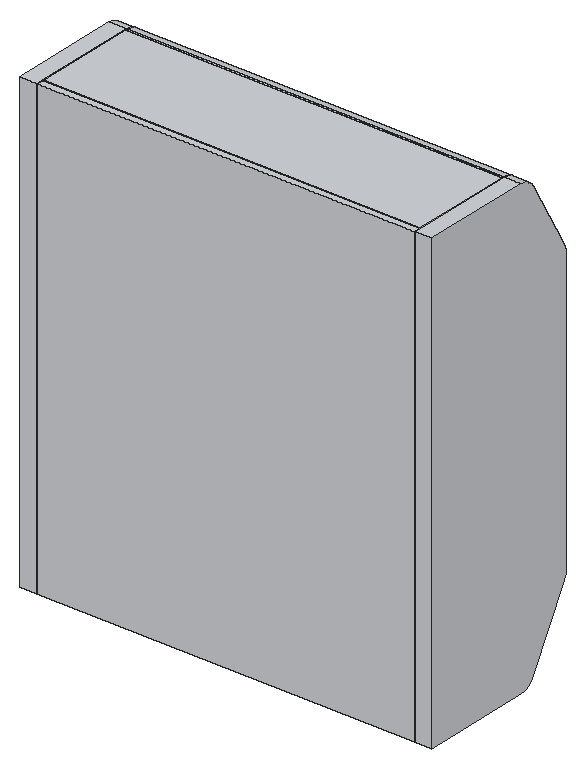
Revit family "Caspian 60 Mk1", category Mechanical Equipment, host Wall, Revit 2015
Parameters (values of type "Type 1")
  Specification = none
  Accessories = none
Reference planes
  plane 1 "Wall": y = 0
  plane 2 "Center (Left/Right)": x = 0
  plane 3 "Back": y = 75
Forms (mm)
  Sweep 1, solid
    path origin (0, 0, 0) x (1, 0, 0) y (0, 1, 0)
      loop
        line (272.5, 75) -> (-272.5, 75)
    profile origin (0, 75, 0) x (0, -1, 0) y (0, 0, 1)
      loop
        arc (-183.157, 12.796) -> (-173.985, 3.435) -> (-161.338, 0) r 25
        line (-161.338, 0) -> (-159, 0) -> (-159, 10) -> (-10, 10) -> (-10, 0) -> (0, 0) -> (0, 660) -> (-10, 660) -> (-10, 650) -> (-159, 650) -> (-159, 660) -> (-161.338, 660)
        arc (-161.338, 660) -> (-173.985, 656.565) -> (-183.157, 647.204) r 25
        line (-183.157, 647.204) -> (-238.819, 547.687)
        arc (-238.819, 547.687) -> (-241.192, 541.789) -> (-242, 535.484) r 25
        line (-242, 535.484) -> (-232, 535.484) -> (-232, 124.516) -> (-242, 124.516)
        arc (-242, 124.516) -> (-241.192, 118.211) -> (-238.819, 112.313) r 25
        line (-238.819, 112.313) -> (-183.157, 12.796)
  Extrusion 2, solid
    sketch origin (0, -20.181, 22.926) x (1, 0, 0) y (0, 1, 0)
      loop
        circle (252.5, 161.181) r 7.5
    from 251.074 to 317.074
  Extrusion 3, solid
    sketch origin (0, 89.819, 22.926) x (1, 0, 0) y (0, 1, 0)
      loop
        circle (252.5, 161.181) r 7.5
    from 251.074 to 317.074
  Sweep 4, solid
    path origin (-285, 0, 0) x (1, 0, 0) y (0, 1, 0)
      loop
        line (12.5, 75) -> (-12.5, 75)
    profile origin (-285, 75, 0) x (0, -1, 0) y (0, 0, 1)
      loop
        line (0, 0) -> (0, 660) -> (-161.338, 660)
        arc (-161.338, 660) -> (-173.985, 656.565) -> (-183.157, 647.204) r 25
        line (-183.157, 647.204) -> (-238.819, 547.687)
        arc (-238.819, 547.687) -> (-241.192, 541.789) -> (-242, 535.484) r 25
        line (-242, 535.484) -> (-242, 124.516)
        arc (-242, 124.516) -> (-241.192, 118.211) -> (-238.819, 112.313) r 25
        line (-238.819, 112.313) -> (-183.157, 12.796)
        arc (-183.157, 12.796) -> (-173.985, 3.435) -> (-161.338, 0) r 25
        line (-161.338, 0) -> (0, 0)
  Sweep 5, solid
    path origin (285, 0, 0) x (-1, 0, 0) y (0, -1, 0)
      loop
        line (12.5, -75) -> (-12.5, -75)
    profile origin (285, 75, 0) x (0, 1, 0) y (0, 0, 1)
      loop
        line (0, 0) -> (161.338, 0)
        arc (161.338, 0) -> (173.985, 3.435) -> (183.157, 12.796) r 25
        line (183.157, 12.796) -> (238.819, 112.313)
        arc (238.819, 112.313) -> (241.192, 118.211) -> (242, 124.516) r 25
        line (242, 124.516) -> (242, 535.484)
        arc (242, 535.484) -> (241.192, 541.789) -> (238.819, 547.687) r 25
        line (238.819, 547.687) -> (183.157, 647.204)
        arc (183.157, 647.204) -> (173.985, 656.565) -> (161.338, 660) r 25
        line (161.338, 660) -> (0, 660) -> (0, 0)
  Sweep 6, solid, material <- "Specification"
    path origin (0, 0, -9.273) x (1, 0, 0) y (0, 1, 0)
      loop
        line (272.5, 75) -> (-272.5, 75)
    profile origin (0, 75, -9.273) x (0, -1, 0) y (0, 0, 1)
      loop
        line (-242, 516.273) -> (-242, 162.273) -> (-232, 162.273) -> (-232, 516.273) -> (-242, 516.273)
  Sweep 7, solid
    path origin (0, 591.273, 343) x (1, 0, 0) y (0, 0, 1)
      loop
        line (272.5, 75) -> (-272.5, 75)
    profile origin (0, 591.273, 418) x (0, 0, -1) y (0, -1, 0)
      loop
        line (-242, 506.273) -> (-242, 357.273) -> (-232, 357.273) -> (-232, 506.273) -> (-242, 506.273)
  Sweep 8, solid
    path origin (0, 591.273, -307) x (1, 0, 0) y (0, 0, 1)
      loop
        line (272.5, 75) -> (-272.5, 75)
    profile origin (0, 591.273, -232) x (0, 0, -1) y (0, -1, 0)
      loop
        line (-242, 506.273) -> (-242, 357.273) -> (-232, 357.273) -> (-232, 506.273) -> (-242, 506.273)
  Sweep 9, solid
    path origin (0, 0, 19.21) x (1, 0, 0) y (0, 1, 0)
      loop
        line (272.5, 75) -> (-272.5, 75)
    profile origin (0, 75, 19.21) x (0, -1, 0) y (0, 0, 1)
      loop
        line (-242, 516.273) -> (-242, 487.79) -> (-232, 487.79) -> (-232, 516.273) -> (-242, 516.273)
  Sweep 10, solid
    path origin (0, 0, -363.273) x (1, 0, 0) y (0, 1, 0)
      loop
        line (272.5, 75) -> (-272.5, 75)
    profile origin (0, 75, -363.273) x (0, -1, 0) y (0, 0, 1)
      loop
        line (-242, 516.273) -> (-242, 487.79) -> (-232, 487.79) -> (-232, 516.273) -> (-242, 516.273)
  Extrusion 11, solid
    sketch origin (-6.25, 0, 0) x (0, 1, 0) y (0, 0, 1)
      loop
        line (310.877, 552.946) -> (263.621, 637.435) -> (261.439, 636.214) -> (308.696, 551.726) -> (310.877, 552.946)
    from 247.5 to 250
  Extrusion 12, solid
    sketch origin (-11.25, 0, 0) x (0, 1, 0) y (0, 0, 1)
      loop
        line (310.877, 552.946) -> (263.621, 637.435) -> (261.439, 636.214) -> (308.696, 551.726) -> (310.877, 552.946)
    from 247.5 to 250
  Extrusion 13, solid
    sketch origin (-16.25, 0, 0) x (0, 1, 0) y (0, 0, 1)
      loop
        line (310.877, 552.946) -> (263.621, 637.435) -> (261.439, 636.214) -> (308.696, 551.726) -> (310.877, 552.946)
    from 247.5 to 250
  Extrusion 14, solid
    sketch origin (-21.25, 0, 0) x (0, 1, 0) y (0, 0, 1)
      loop
        line (310.877, 552.946) -> (263.621, 637.435) -> (261.439, 636.214) -> (308.696, 551.726) -> (310.877, 552.946)
    from 247.5 to 250
  Extrusion 15, solid
    sketch origin (-26.25, 0, 0) x (0, 1, 0) y (0, 0, 1)
      loop
        line (310.877, 552.946) -> (263.621, 637.435) -> (261.439, 636.214) -> (308.696, 551.726) -> (310.877, 552.946)
    from 247.5 to 250
  Extrusion 16, solid
    sketch origin (-31.25, 0, 0) x (0, 1, 0) y (0, 0, 1)
      loop
        line (310.877, 552.946) -> (263.621, 637.435) -> (261.439, 636.214) -> (308.696, 551.726) -> (310.877, 552.946)
    from 247.5 to 250
  Extrusion 17, solid
    sketch origin (-36.25, 0, 0) x (0, 1, 0) y (0, 0, 1)
      loop
        line (310.877, 552.946) -> (263.621, 637.435) -> (261.439, 636.214) -> (308.696, 551.726) -> (310.877, 552.946)
    from 247.5 to 250
  Extrusion 18, solid
    sketch origin (-41.25, 0, 0) x (0, 1, 0) y (0, 0, 1)
      loop
        line (310.877, 552.946) -> (263.621, 637.435) -> (261.439, 636.214) -> (308.696, 551.726) -> (310.877, 552.946)
    from 247.5 to 250
  Extrusion 19, solid
    sketch origin (-46.25, 0, 0) x (0, 1, 0) y (0, 0, 1)
      loop
        line (310.877, 552.946) -> (263.621, 637.435) -> (261.439, 636.214) -> (308.696, 551.726) -> (310.877, 552.946)
    from 247.5 to 250
  Extrusion 20, solid
    sketch origin (-51.25, 0, 0) x (0, 1, 0) y (0, 0, 1)
      loop
        line (310.877, 552.946) -> (263.621, 637.435) -> (261.439, 636.214) -> (308.696, 551.726) -> (310.877, 552.946)
    from 247.5 to 250
  Extrusion 21, solid
    sketch origin (-56.25, 0, 0) x (0, 1, 0) y (0, 0, 1)
      loop
        line (310.877, 552.946) -> (263.621, 637.435) -> (261.439, 636.214) -> (308.696, 551.726) -> (310.877, 552.946)
    from 247.5 to 250
  Extrusion 22, solid
    sketch origin (-61.25, 0, 0) x (0, 1, 0) y (0, 0, 1)
      loop
        line (310.877, 552.946) -> (263.621, 637.435) -> (261.439, 636.214) -> (308.696, 551.726) -> (310.877, 552.946)
    from 247.5 to 250
  Extrusion 23, solid
    sketch origin (-66.25, 0, 0) x (0, 1, 0) y (0, 0, 1)
      loop
        line (310.877, 552.946) -> (263.621, 637.435) -> (261.439, 636.214) -> (308.696, 551.726) -> (310.877, 552.946)
    from 247.5 to 250
  Extrusion 24, solid
    sketch origin (-71.25, 0, 0) x (0, 1, 0) y (0, 0, 1)
      loop
        line (310.877, 552.946) -> (263.621, 637.435) -> (261.439, 636.214) -> (308.696, 551.726) -> (310.877, 552.946)
    from 247.5 to 250
  Extrusion 25, solid
    sketch origin (-76.25, 0, 0) x (0, 1, 0) y (0, 0, 1)
      loop
        line (310.877, 552.946) -> (263.621, 637.435) -> (261.439, 636.214) -> (308.696, 551.726) -> (310.877, 552.946)
    from 247.5 to 250
  Extrusion 26, solid
    sketch origin (-81.25, 0, 0) x (0, 1, 0) y (0, 0, 1)
      loop
        line (310.877, 552.946) -> (263.621, 637.435) -> (261.439, 636.214) -> (308.696, 551.726) -> (310.877, 552.946)
    from 247.5 to 250
  Extrusion 27, solid
    sketch origin (-86.25, 0, 0) x (0, 1, 0) y (0, 0, 1)
      loop
        line (310.877, 552.946) -> (263.621, 637.435) -> (261.439, 636.214) -> (308.696, 551.726) -> (310.877, 552.946)
    from 247.5 to 250
  Extrusion 28, solid
    sketch origin (-91.25, 0, 0) x (0, 1, 0) y (0, 0, 1)
      loop
        line (310.877, 552.946) -> (263.621, 637.435) -> (261.439, 636.214) -> (308.696, 551.726) -> (310.877, 552.946)
    from 247.5 to 250
  Extrusion 29, solid
    sketch origin (-96.25, 0, 0) x (0, 1, 0) y (0, 0, 1)
      loop
        line (310.877, 552.946) -> (263.621, 637.435) -> (261.439, 636.214) -> (308.696, 551.726) -> (310.877, 552.946)
    from 247.5 to 250
  Extrusion 30, solid
    sketch origin (-101.25, 0, 0) x (0, 1, 0) y (0, 0, 1)
      loop
        line (310.877, 552.946) -> (263.621, 637.435) -> (261.439, 636.214) -> (308.696, 551.726) -> (310.877, 552.946)
    from 247.5 to 250
  Extrusion 31, solid
    sketch origin (-106.25, 0, 0) x (0, 1, 0) y (0, 0, 1)
      loop
        line (310.877, 552.946) -> (263.621, 637.435) -> (261.439, 636.214) -> (308.696, 551.726) -> (310.877, 552.946)
    from 247.5 to 250
  Extrusion 32, solid
    sketch origin (-111.25, 0, 0) x (0, 1, 0) y (0, 0, 1)
      loop
        line (310.877, 552.946) -> (263.621, 637.435) -> (261.439, 636.214) -> (308.696, 551.726) -> (310.877, 552.946)
    from 247.5 to 250
  Extrusion 33, solid
    sketch origin (-116.25, 0, 0) x (0, 1, 0) y (0, 0, 1)
      loop
        line (310.877, 552.946) -> (263.621, 637.435) -> (261.439, 636.214) -> (308.696, 551.726) -> (310.877, 552.946)
    from 247.5 to 250
  Extrusion 34, solid
    sketch origin (-121.25, 0, 0) x (0, 1, 0) y (0, 0, 1)
      loop
        line (310.877, 552.946) -> (263.621, 637.435) -> (261.439, 636.214) -> (308.696, 551.726) -> (310.877, 552.946)
    from 247.5 to 250
  Extrusion 35, solid
    sketch origin (-126.25, 0, 0) x (0, 1, 0) y (0, 0, 1)
      loop
        line (310.877, 552.946) -> (263.621, 637.435) -> (261.439, 636.214) -> (308.696, 551.726) -> (310.877, 552.946)
    from 247.5 to 250
  Extrusion 36, solid
    sketch origin (-131.25, 0, 0) x (0, 1, 0) y (0, 0, 1)
      loop
        line (310.877, 552.946) -> (263.621, 637.435) -> (261.439, 636.214) -> (308.696, 551.726) -> (310.877, 552.946)
    from 247.5 to 250
  Extrusion 37, solid
    sketch origin (-136.25, 0, 0) x (0, 1, 0) y (0, 0, 1)
      loop
        line (310.877, 552.946) -> (263.621, 637.435) -> (261.439, 636.214) -> (308.696, 551.726) -> (310.877, 552.946)
    from 247.5 to 250
  Extrusion 38, solid
    sketch origin (-141.25, 0, 0) x (0, 1, 0) y (0, 0, 1)
      loop
        line (310.877, 552.946) -> (263.621, 637.435) -> (261.439, 636.214) -> (308.696, 551.726) -> (310.877, 552.946)
    from 247.5 to 250
  Extrusion 39, solid
    sketch origin (-146.25, 0, 0) x (0, 1, 0) y (0, 0, 1)
      loop
        line (310.877, 552.946) -> (263.621, 637.435) -> (261.439, 636.214) -> (308.696, 551.726) -> (310.877, 552.946)
    from 247.5 to 250
  Extrusion 40, solid
    sketch origin (-151.25, 0, 0) x (0, 1, 0) y (0, 0, 1)
      loop
        line (310.877, 552.946) -> (263.621, 637.435) -> (261.439, 636.214) -> (308.696, 551.726) -> (310.877, 552.946)
    from 247.5 to 250
  Extrusion 41, solid
    sketch origin (-156.25, 0, 0) x (0, 1, 0) y (0, 0, 1)
      loop
        line (310.877, 552.946) -> (263.621, 637.435) -> (261.439, 636.214) -> (308.696, 551.726) -> (310.877, 552.946)
    from 247.5 to 250
  Extrusion 42, solid
    sketch origin (-161.25, 0, 0) x (0, 1, 0) y (0, 0, 1)
      loop
        line (310.877, 552.946) -> (263.621, 637.435) -> (261.439, 636.214) -> (308.696, 551.726) -> (310.877, 552.946)
    from 247.5 to 250
  Extrusion 43, solid
    sketch origin (-166.25, 0, 0) x (0, 1, 0) y (0, 0, 1)
      loop
        line (310.877, 552.946) -> (263.621, 637.435) -> (261.439, 636.214) -> (308.696, 551.726) -> (310.877, 552.946)
    from 247.5 to 250
  Extrusion 44, solid
    sketch origin (-171.25, 0, 0) x (0, 1, 0) y (0, 0, 1)
      loop
        line (310.877, 552.946) -> (263.621, 637.435) -> (261.439, 636.214) -> (308.696, 551.726) -> (310.877, 552.946)
    from 247.5 to 250
  Extrusion 45, solid
    sketch origin (-176.25, 0, 0) x (0, 1, 0) y (0, 0, 1)
      loop
        line (310.877, 552.946) -> (263.621, 637.435) -> (261.439, 636.214) -> (308.696, 551.726) -> (310.877, 552.946)
    from 247.5 to 250
  Extrusion 46, solid
    sketch origin (-181.25, 0, 0) x (0, 1, 0) y (0, 0, 1)
      loop
        line (310.877, 552.946) -> (263.621, 637.435) -> (261.439, 636.214) -> (308.696, 551.726) -> (310.877, 552.946)
    from 247.5 to 250
  Extrusion 47, solid
    sketch origin (-186.25, 0, 0) x (0, 1, 0) y (0, 0, 1)
      loop
        line (310.877, 552.946) -> (263.621, 637.435) -> (261.439, 636.214) -> (308.696, 551.726) -> (310.877, 552.946)
    from 247.5 to 250
  Extrusion 48, solid
    sketch origin (-191.25, 0, 0) x (0, 1, 0) y (0, 0, 1)
      loop
        line (310.877, 552.946) -> (263.621, 637.435) -> (261.439, 636.214) -> (308.696, 551.726) -> (310.877, 552.946)
    from 247.5 to 250
  Extrusion 49, solid
    sketch origin (-196.25, 0, 0) x (0, 1, 0) y (0, 0, 1)
      loop
        line (310.877, 552.946) -> (263.621, 637.435) -> (261.439, 636.214) -> (308.696, 551.726) -> (310.877, 552.946)
    from 247.5 to 250
  Extrusion 50, solid
    sketch origin (-201.25, 0, 0) x (0, 1, 0) y (0, 0, 1)
      loop
        line (310.877, 552.946) -> (263.621, 637.435) -> (261.439, 636.214) -> (308.696, 551.726) -> (310.877, 552.946)
    from 247.5 to 250
  Extrusion 51, solid
    sketch origin (-206.25, 0, 0) x (0, 1, 0) y (0, 0, 1)
      loop
        line (310.877, 552.946) -> (263.621, 637.435) -> (261.439, 636.214) -> (308.696, 551.726) -> (310.877, 552.946)
    from 247.5 to 250
  Extrusion 52, solid
    sketch origin (-211.25, 0, 0) x (0, 1, 0) y (0, 0, 1)
      loop
        line (310.877, 552.946) -> (263.621, 637.435) -> (261.439, 636.214) -> (308.696, 551.726) -> (310.877, 552.946)
    from 247.5 to 250
  Extrusion 53, solid
    sketch origin (-216.25, 0, 0) x (0, 1, 0) y (0, 0, 1)
      loop
        line (310.877, 552.946) -> (263.621, 637.435) -> (261.439, 636.214) -> (308.696, 551.726) -> (310.877, 552.946)
    from 247.5 to 250
  Extrusion 54, solid
    sketch origin (-221.25, 0, 0) x (0, 1, 0) y (0, 0, 1)
      loop
        line (310.877, 552.946) -> (263.621, 637.435) -> (261.439, 636.214) -> (308.696, 551.726) -> (310.877, 552.946)
    from 247.5 to 250
  Extrusion 55, solid
    sketch origin (-226.25, 0, 0) x (0, 1, 0) y (0, 0, 1)
      loop
        line (310.877, 552.946) -> (263.621, 637.435) -> (261.439, 636.214) -> (308.696, 551.726) -> (310.877, 552.946)
    from 247.5 to 250
  Extrusion 56, solid
    sketch origin (-231.25, 0, 0) x (0, 1, 0) y (0, 0, 1)
      loop
        line (310.877, 552.946) -> (263.621, 637.435) -> (261.439, 636.214) -> (308.696, 551.726) -> (310.877, 552.946)
    from 247.5 to 250
  Extrusion 57, solid
    sketch origin (-236.25, 0, 0) x (0, 1, 0) y (0, 0, 1)
      loop
        line (310.877, 552.946) -> (263.621, 637.435) -> (261.439, 636.214) -> (308.696, 551.726) -> (310.877, 552.946)
    from 247.5 to 250
  Extrusion 58, solid
    sketch origin (-241.231, 0.436, 0) x (0, 1, 0) y (0, 0, 1)
      loop
        line (310.877, 552.946) -> (263.621, 637.435) -> (261.439, 636.214) -> (308.696, 551.726) -> (310.877, 552.946)
    from 247.5 to 250
  Extrusion 59, solid
    sketch origin (-246.231, 0.436, 0) x (0, 1, 0) y (0, 0, 1)
      loop
        line (310.877, 552.946) -> (263.621, 637.435) -> (261.439, 636.214) -> (308.696, 551.726) -> (310.877, 552.946)
    from 247.5 to 250
  Extrusion 60, solid
    sketch origin (-251.231, 0.436, 0) x (0, 1, 0) y (0, 0, 1)
      loop
        line (310.877, 552.946) -> (263.621, 637.435) -> (261.439, 636.214) -> (308.696, 551.726) -> (310.877, 552.946)
    from 247.5 to 250
  Extrusion 61, solid
    sketch origin (-256.231, 0.436, 0) x (0, 1, 0) y (0, 0, 1)
      loop
        line (310.877, 552.946) -> (263.621, 637.435) -> (261.439, 636.214) -> (308.696, 551.726) -> (310.877, 552.946)
    from 247.5 to 250
  Extrusion 62, solid
    sketch origin (-261.231, 0.436, 0) x (0, 1, 0) y (0, 0, 1)
      loop
        line (310.877, 552.946) -> (263.621, 637.435) -> (261.439, 636.214) -> (308.696, 551.726) -> (310.877, 552.946)
    from 247.5 to 250
  Extrusion 63, solid
    sketch origin (-266.231, 0.436, 0) x (0, 1, 0) y (0, 0, 1)
      loop
        line (310.877, 552.946) -> (263.621, 637.435) -> (261.439, 636.214) -> (308.696, 551.726) -> (310.877, 552.946)
    from 247.5 to 250
  Extrusion 64, solid
    sketch origin (-271.231, 0.436, 0) x (0, 1, 0) y (0, 0, 1)
      loop
        line (310.877, 552.946) -> (263.621, 637.435) -> (261.439, 636.214) -> (308.696, 551.726) -> (310.877, 552.946)
    from 247.5 to 250
  Extrusion 65, solid
    sketch origin (-276.231, 0.436, 0) x (0, 1, 0) y (0, 0, 1)
      loop
        line (310.877, 552.946) -> (263.621, 637.435) -> (261.439, 636.214) -> (308.696, 551.726) -> (310.877, 552.946)
    from 247.5 to 250
  Extrusion 66, solid
    sketch origin (-281.231, 0.436, 0) x (0, 1, 0) y (0, 0, 1)
      loop
        line (310.877, 552.946) -> (263.621, 637.435) -> (261.439, 636.214) -> (308.696, 551.726) -> (310.877, 552.946)
    from 247.5 to 250
  Extrusion 67, solid
    sketch origin (-286.231, 0.436, 0) x (0, 1, 0) y (0, 0, 1)
      loop
        line (310.877, 552.946) -> (263.621, 637.435) -> (261.439, 636.214) -> (308.696, 551.726) -> (310.877, 552.946)
    from 247.5 to 250
  Extrusion 68, solid
    sketch origin (-291.231, 0.436, 0) x (0, 1, 0) y (0, 0, 1)
      loop
        line (310.877, 552.946) -> (263.621, 637.435) -> (261.439, 636.214) -> (308.696, 551.726) -> (310.877, 552.946)
    from 247.5 to 250
  Extrusion 69, solid
    sketch origin (-296.231, 0.436, 0) x (0, 1, 0) y (0, 0, 1)
      loop
        line (310.877, 552.946) -> (263.621, 637.435) -> (261.439, 636.214) -> (308.696, 551.726) -> (310.877, 552.946)
    from 247.5 to 250
  Extrusion 70, solid
    sketch origin (-301.231, 0.436, 0) x (0, 1, 0) y (0, 0, 1)
      loop
        line (310.877, 552.946) -> (263.621, 637.435) -> (261.439, 636.214) -> (308.696, 551.726) -> (310.877, 552.946)
    from 247.5 to 250
  Extrusion 71, solid
    sketch origin (-306.231, 0.436, 0) x (0, 1, 0) y (0, 0, 1)
      loop
        line (310.877, 552.946) -> (263.621, 637.435) -> (261.439, 636.214) -> (308.696, 551.726) -> (310.877, 552.946)
    from 247.5 to 250
  Extrusion 72, solid
    sketch origin (-311.231, 0.436, 0) x (0, 1, 0) y (0, 0, 1)
      loop
        line (310.877, 552.946) -> (263.621, 637.435) -> (261.439, 636.214) -> (308.696, 551.726) -> (310.877, 552.946)
    from 247.5 to 250
  Extrusion 73, solid
    sketch origin (-316.231, 0.436, 0) x (0, 1, 0) y (0, 0, 1)
      loop
        line (310.877, 552.946) -> (263.621, 637.435) -> (261.439, 636.214) -> (308.696, 551.726) -> (310.877, 552.946)
    from 247.5 to 250
  Extrusion 74, solid
    sketch origin (-321.231, 0.436, 0) x (0, 1, 0) y (0, 0, 1)
      loop
        line (310.877, 552.946) -> (263.621, 637.435) -> (261.439, 636.214) -> (308.696, 551.726) -> (310.877, 552.946)
    from 247.5 to 250
  Extrusion 75, solid
    sketch origin (-326.231, 0.436, 0) x (0, 1, 0) y (0, 0, 1)
      loop
        line (310.877, 552.946) -> (263.621, 637.435) -> (261.439, 636.214) -> (308.696, 551.726) -> (310.877, 552.946)
    from 247.5 to 250
  Extrusion 76, solid
    sketch origin (-331.231, 0.436, 0) x (0, 1, 0) y (0, 0, 1)
      loop
        line (310.877, 552.946) -> (263.621, 637.435) -> (261.439, 636.214) -> (308.696, 551.726) -> (310.877, 552.946)
    from 247.5 to 250
  Extrusion 77, solid
    sketch origin (-336.231, 0.436, 0) x (0, 1, 0) y (0, 0, 1)
      loop
        line (310.877, 552.946) -> (263.621, 637.435) -> (261.439, 636.214) -> (308.696, 551.726) -> (310.877, 552.946)
    from 247.5 to 250
  Extrusion 78, solid
    sketch origin (-341.231, 0.436, 0) x (0, 1, 0) y (0, 0, 1)
      loop
        line (310.877, 552.946) -> (263.621, 637.435) -> (261.439, 636.214) -> (308.696, 551.726) -> (310.877, 552.946)
    from 247.5 to 250
  Extrusion 79, solid
    sketch origin (-346.231, 0.436, 0) x (0, 1, 0) y (0, 0, 1)
      loop
        line (310.877, 552.946) -> (263.621, 637.435) -> (261.439, 636.214) -> (308.696, 551.726) -> (310.877, 552.946)
    from 247.5 to 250
  Extrusion 80, solid
    sketch origin (-351.231, 0.436, 0) x (0, 1, 0) y (0, 0, 1)
      loop
        line (310.877, 552.946) -> (263.621, 637.435) -> (261.439, 636.214) -> (308.696, 551.726) -> (310.877, 552.946)
    from 247.5 to 250
  Extrusion 81, solid
    sketch origin (-356.231, 0.436, 0) x (0, 1, 0) y (0, 0, 1)
      loop
        line (310.877, 552.946) -> (263.621, 637.435) -> (261.439, 636.214) -> (308.696, 551.726) -> (310.877, 552.946)
    from 247.5 to 250
  Extrusion 82, solid
    sketch origin (-361.231, 0.436, 0) x (0, 1, 0) y (0, 0, 1)
      loop
        line (310.877, 552.946) -> (263.621, 637.435) -> (261.439, 636.214) -> (308.696, 551.726) -> (310.877, 552.946)
    from 247.5 to 250
  Extrusion 83, solid
    sketch origin (-366.231, 0.436, 0) x (0, 1, 0) y (0, 0, 1)
      loop
        line (310.877, 552.946) -> (263.621, 637.435) -> (261.439, 636.214) -> (308.696, 551.726) -> (310.877, 552.946)
    from 247.5 to 250
  Extrusion 84, solid
    sketch origin (-371.231, 0.436, 0) x (0, 1, 0) y (0, 0, 1)
      loop
        line (310.877, 552.946) -> (263.621, 637.435) -> (261.439, 636.214) -> (308.696, 551.726) -> (310.877, 552.946)
    from 247.5 to 250
  Extrusion 85, solid
    sketch origin (-376.231, 0.436, 0) x (0, 1, 0) y (0, 0, 1)
      loop
        line (310.877, 552.946) -> (263.621, 637.435) -> (261.439, 636.214) -> (308.696, 551.726) -> (310.877, 552.946)
    from 247.5 to 250
  Extrusion 86, solid
    sketch origin (-381.231, 0.436, 0) x (0, 1, 0) y (0, 0, 1)
      loop
        line (310.877, 552.946) -> (263.621, 637.435) -> (261.439, 636.214) -> (308.696, 551.726) -> (310.877, 552.946)
    from 247.5 to 250
  Extrusion 87, solid
    sketch origin (-386.231, 0.436, 0) x (0, 1, 0) y (0, 0, 1)
      loop
        line (310.877, 552.946) -> (263.621, 637.435) -> (261.439, 636.214) -> (308.696, 551.726) -> (310.877, 552.946)
    from 247.5 to 250
  Extrusion 88, solid
    sketch origin (-391.231, 0.436, 0) x (0, 1, 0) y (0, 0, 1)
      loop
        line (310.877, 552.946) -> (263.621, 637.435) -> (261.439, 636.214) -> (308.696, 551.726) -> (310.877, 552.946)
    from 247.5 to 250
  Extrusion 89, solid
    sketch origin (-396.231, 0.436, 0) x (0, 1, 0) y (0, 0, 1)
      loop
        line (310.877, 552.946) -> (263.621, 637.435) -> (261.439, 636.214) -> (308.696, 551.726) -> (310.877, 552.946)
    from 247.5 to 250
  Extrusion 90, solid
    sketch origin (-401.231, 0.436, 0) x (0, 1, 0) y (0, 0, 1)
      loop
        line (310.877, 552.946) -> (263.621, 637.435) -> (261.439, 636.214) -> (308.696, 551.726) -> (310.877, 552.946)
    from 247.5 to 250
  Extrusion 91, solid
    sketch origin (-406.231, 0.436, 0) x (0, 1, 0) y (0, 0, 1)
      loop
        line (310.877, 552.946) -> (263.621, 637.435) -> (261.439, 636.214) -> (308.696, 551.726) -> (310.877, 552.946)
    from 247.5 to 250
  Extrusion 92, solid
    sketch origin (-411.231, 0.436, 0) x (0, 1, 0) y (0, 0, 1)
      loop
        line (310.877, 552.946) -> (263.621, 637.435) -> (261.439, 636.214) -> (308.696, 551.726) -> (310.877, 552.946)
    from 247.5 to 250
  Extrusion 93, solid
    sketch origin (-416.231, 0.436, 0) x (0, 1, 0) y (0, 0, 1)
      loop
        line (310.877, 552.946) -> (263.621, 637.435) -> (261.439, 636.214) -> (308.696, 551.726) -> (310.877, 552.946)
    from 247.5 to 250
  Extrusion 94, solid
    sketch origin (-421.231, 0.436, 0) x (0, 1, 0) y (0, 0, 1)
      loop
        line (310.877, 552.946) -> (263.621, 637.435) -> (261.439, 636.214) -> (308.696, 551.726) -> (310.877, 552.946)
    from 247.5 to 250
  Extrusion 95, solid
    sketch origin (-426.231, 0.436, 0) x (0, 1, 0) y (0, 0, 1)
      loop
        line (310.877, 552.946) -> (263.621, 637.435) -> (261.439, 636.214) -> (308.696, 551.726) -> (310.877, 552.946)
    from 247.5 to 250
  Extrusion 96, solid
    sketch origin (-431.231, 0.436, 0) x (0, 1, 0) y (0, 0, 1)
      loop
        line (310.877, 552.946) -> (263.621, 637.435) -> (261.439, 636.214) -> (308.696, 551.726) -> (310.877, 552.946)
    from 247.5 to 250
  Extrusion 97, solid
    sketch origin (-436.231, 0.436, 0) x (0, 1, 0) y (0, 0, 1)
      loop
        line (310.877, 552.946) -> (263.621, 637.435) -> (261.439, 636.214) -> (308.696, 551.726) -> (310.877, 552.946)
    from 247.5 to 250
  Extrusion 98, solid
    sketch origin (-441.231, 0.436, 0) x (0, 1, 0) y (0, 0, 1)
      loop
        line (310.877, 552.946) -> (263.621, 637.435) -> (261.439, 636.214) -> (308.696, 551.726) -> (310.877, 552.946)
    from 247.5 to 250
  Extrusion 99, solid
    sketch origin (-446.231, 0.436, 0) x (0, 1, 0) y (0, 0, 1)
      loop
        line (310.877, 552.946) -> (263.621, 637.435) -> (261.439, 636.214) -> (308.696, 551.726) -> (310.877, 552.946)
    from 247.5 to 250
  Extrusion 100, solid
    sketch origin (-451.231, 0.436, 0) x (0, 1, 0) y (0, 0, 1)
      loop
        line (310.877, 552.946) -> (263.621, 637.435) -> (261.439, 636.214) -> (308.696, 551.726) -> (310.877, 552.946)
    from 247.5 to 250
  Extrusion 101, solid
    sketch origin (-456.231, 0.436, 0) x (0, 1, 0) y (0, 0, 1)
      loop
        line (310.877, 552.946) -> (263.621, 637.435) -> (261.439, 636.214) -> (308.696, 551.726) -> (310.877, 552.946)
    from 247.5 to 250
  Extrusion 102, solid
    sketch origin (-461.231, 0.436, 0) x (0, 1, 0) y (0, 0, 1)
      loop
        line (310.877, 552.946) -> (263.621, 637.435) -> (261.439, 636.214) -> (308.696, 551.726) -> (310.877, 552.946)
    from 247.5 to 250
  Extrusion 103, solid
    sketch origin (-466.231, 0.436, 0) x (0, 1, 0) y (0, 0, 1)
      loop
        line (310.877, 552.946) -> (263.621, 637.435) -> (261.439, 636.214) -> (308.696, 551.726) -> (310.877, 552.946)
    from 247.5 to 250
  Extrusion 104, solid
    sketch origin (-471.231, 0.436, 0) x (0, 1, 0) y (0, 0, 1)
      loop
        line (310.877, 552.946) -> (263.621, 637.435) -> (261.439, 636.214) -> (308.696, 551.726) -> (310.877, 552.946)
    from 247.5 to 250
  Extrusion 105, solid
    sketch origin (-476.231, 0.436, 0) x (0, 1, 0) y (0, 0, 1)
      loop
        line (310.877, 552.946) -> (263.621, 637.435) -> (261.439, 636.214) -> (308.696, 551.726) -> (310.877, 552.946)
    from 247.5 to 250
  Extrusion 106, solid
    sketch origin (-481.231, 0.436, 0) x (0, 1, 0) y (0, 0, 1)
      loop
        line (310.877, 552.946) -> (263.621, 637.435) -> (261.439, 636.214) -> (308.696, 551.726) -> (310.877, 552.946)
    from 247.5 to 250
  Extrusion 107, solid
    sketch origin (-486.231, 0.436, 0) x (0, 1, 0) y (0, 0, 1)
      loop
        line (310.877, 552.946) -> (263.621, 637.435) -> (261.439, 636.214) -> (308.696, 551.726) -> (310.877, 552.946)
    from 247.5 to 250
  Extrusion 108, solid
    sketch origin (-491.231, 0.436, 0) x (0, 1, 0) y (0, 0, 1)
      loop
        line (310.877, 552.946) -> (263.621, 637.435) -> (261.439, 636.214) -> (308.696, 551.726) -> (310.877, 552.946)
    from 247.5 to 250
  Extrusion 109, solid
    sketch origin (-496.231, 0.436, 0) x (0, 1, 0) y (0, 0, 1)
      loop
        line (310.877, 552.946) -> (263.621, 637.435) -> (261.439, 636.214) -> (308.696, 551.726) -> (310.877, 552.946)
    from 247.5 to 250
  Extrusion 110, solid
    sketch origin (-501.231, 0.436, 0) x (0, 1, 0) y (0, 0, 1)
      loop
        line (310.877, 552.946) -> (263.621, 637.435) -> (261.439, 636.214) -> (308.696, 551.726) -> (310.877, 552.946)
    from 247.5 to 250
  Extrusion 111, solid
    sketch origin (-6.25, 0, 660) x (0, 1, 0) y (0, 0, 1)
      loop
        line (310.877, -552.946) -> (308.696, -551.726) -> (261.439, -636.214) -> (263.621, -637.435) -> (310.877, -552.946)
    from 247.5 to 250
  Extrusion 112, solid
    sketch origin (-11.25, 0, 660) x (0, 1, 0) y (0, 0, 1)
      loop
        line (310.877, -552.946) -> (308.696, -551.726) -> (261.439, -636.214) -> (263.621, -637.435) -> (310.877, -552.946)
    from 247.5 to 250
  Extrusion 113, solid
    sketch origin (-16.25, 0, 660) x (0, 1, 0) y (0, 0, 1)
      loop
        line (310.877, -552.946) -> (308.696, -551.726) -> (261.439, -636.214) -> (263.621, -637.435) -> (310.877, -552.946)
    from 247.5 to 250
  Extrusion 114, solid
    sketch origin (-21.25, 0, 660) x (0, 1, 0) y (0, 0, 1)
      loop
        line (310.877, -552.946) -> (308.696, -551.726) -> (261.439, -636.214) -> (263.621, -637.435) -> (310.877, -552.946)
    from 247.5 to 250
  Extrusion 115, solid
    sketch origin (-26.25, 0, 660) x (0, 1, 0) y (0, 0, 1)
      loop
        line (310.877, -552.946) -> (308.696, -551.726) -> (261.439, -636.214) -> (263.621, -637.435) -> (310.877, -552.946)
    from 247.5 to 250
  Extrusion 116, solid
    sketch origin (-31.25, 0, 660) x (0, 1, 0) y (0, 0, 1)
      loop
        line (310.877, -552.946) -> (308.696, -551.726) -> (261.439, -636.214) -> (263.621, -637.435) -> (310.877, -552.946)
    from 247.5 to 250
  Extrusion 117, solid
    sketch origin (-36.25, 0, 660) x (0, 1, 0) y (0, 0, 1)
      loop
        line (310.877, -552.946) -> (308.696, -551.726) -> (261.439, -636.214) -> (263.621, -637.435) -> (310.877, -552.946)
    from 247.5 to 250
  Extrusion 118, solid
    sketch origin (-41.25, 0, 660) x (0, 1, 0) y (0, 0, 1)
      loop
        line (310.877, -552.946) -> (308.696, -551.726) -> (261.439, -636.214) -> (263.621, -637.435) -> (310.877, -552.946)
    from 247.5 to 250
  Extrusion 119, solid
    sketch origin (-46.25, 0, 660) x (0, 1, 0) y (0, 0, 1)
      loop
        line (310.877, -552.946) -> (308.696, -551.726) -> (261.439, -636.214) -> (263.621, -637.435) -> (310.877, -552.946)
    from 247.5 to 250
  Extrusion 120, solid
    sketch origin (-51.25, 0, 660) x (0, 1, 0) y (0, 0, 1)
      loop
        line (310.877, -552.946) -> (308.696, -551.726) -> (261.439, -636.214) -> (263.621, -637.435) -> (310.877, -552.946)
    from 247.5 to 250
  Extrusion 121, solid
    sketch origin (-56.25, 0, 660) x (0, 1, 0) y (0, 0, 1)
      loop
        line (310.877, -552.946) -> (308.696, -551.726) -> (261.439, -636.214) -> (263.621, -637.435) -> (310.877, -552.946)
    from 247.5 to 250
  Extrusion 122, solid
    sketch origin (-61.25, 0, 660) x (0, 1, 0) y (0, 0, 1)
      loop
        line (310.877, -552.946) -> (308.696, -551.726) -> (261.439, -636.214) -> (263.621, -637.435) -> (310.877, -552.946)
    from 247.5 to 250
  Extrusion 123, solid
    sketch origin (-66.25, 0, 660) x (0, 1, 0) y (0, 0, 1)
      loop
        line (310.877, -552.946) -> (308.696, -551.726) -> (261.439, -636.214) -> (263.621, -637.435) -> (310.877, -552.946)
    from 247.5 to 250
  Extrusion 124, solid
    sketch origin (-71.25, 0, 660) x (0, 1, 0) y (0, 0, 1)
      loop
        line (310.877, -552.946) -> (308.696, -551.726) -> (261.439, -636.214) -> (263.621, -637.435) -> (310.877, -552.946)
    from 247.5 to 250
  Extrusion 125, solid
    sketch origin (-76.25, 0, 660) x (0, 1, 0) y (0, 0, 1)
      loop
        line (310.877, -552.946) -> (308.696, -551.726) -> (261.439, -636.214) -> (263.621, -637.435) -> (310.877, -552.946)
    from 247.5 to 250
  Extrusion 126, solid
    sketch origin (-81.25, 0, 660) x (0, 1, 0) y (0, 0, 1)
      loop
        line (310.877, -552.946) -> (308.696, -551.726) -> (261.439, -636.214) -> (263.621, -637.435) -> (310.877, -552.946)
    from 247.5 to 250
  Extrusion 127, solid
    sketch origin (-86.25, 0, 660) x (0, 1, 0) y (0, 0, 1)
      loop
        line (310.877, -552.946) -> (308.696, -551.726) -> (261.439, -636.214) -> (263.621, -637.435) -> (310.877, -552.946)
    from 247.5 to 250
  Extrusion 128, solid
    sketch origin (-91.25, 0, 660) x (0, 1, 0) y (0, 0, 1)
      loop
        line (310.877, -552.946) -> (308.696, -551.726) -> (261.439, -636.214) -> (263.621, -637.435) -> (310.877, -552.946)
    from 247.5 to 250
  Extrusion 129, solid
    sketch origin (-96.25, 0, 660) x (0, 1, 0) y (0, 0, 1)
      loop
        line (310.877, -552.946) -> (308.696, -551.726) -> (261.439, -636.214) -> (263.621, -637.435) -> (310.877, -552.946)
    from 247.5 to 250
  Extrusion 130, solid
    sketch origin (-101.25, 0, 660) x (0, 1, 0) y (0, 0, 1)
      loop
        line (310.877, -552.946) -> (308.696, -551.726) -> (261.439, -636.214) -> (263.621, -637.435) -> (310.877, -552.946)
    from 247.5 to 250
  Extrusion 131, solid
    sketch origin (-106.25, 0, 660) x (0, 1, 0) y (0, 0, 1)
      loop
        line (310.877, -552.946) -> (308.696, -551.726) -> (261.439, -636.214) -> (263.621, -637.435) -> (310.877, -552.946)
    from 247.5 to 250
  Extrusion 132, solid
    sketch origin (-111.25, 0, 660) x (0, 1, 0) y (0, 0, 1)
      loop
        line (310.877, -552.946) -> (308.696, -551.726) -> (261.439, -636.214) -> (263.621, -637.435) -> (310.877, -552.946)
    from 247.5 to 250
  Extrusion 133, solid
    sketch origin (-116.25, 0, 660) x (0, 1, 0) y (0, 0, 1)
      loop
        line (310.877, -552.946) -> (308.696, -551.726) -> (261.439, -636.214) -> (263.621, -637.435) -> (310.877, -552.946)
    from 247.5 to 250
  Extrusion 134, solid
    sketch origin (-121.25, 0, 660) x (0, 1, 0) y (0, 0, 1)
      loop
        line (310.877, -552.946) -> (308.696, -551.726) -> (261.439, -636.214) -> (263.621, -637.435) -> (310.877, -552.946)
    from 247.5 to 250
  Extrusion 135, solid
    sketch origin (-126.25, 0, 660) x (0, 1, 0) y (0, 0, 1)
      loop
        line (310.877, -552.946) -> (308.696, -551.726) -> (261.439, -636.214) -> (263.621, -637.435) -> (310.877, -552.946)
    from 247.5 to 250
  Extrusion 136, solid
    sketch origin (-131.25, 0, 660) x (0, 1, 0) y (0, 0, 1)
      loop
        line (310.877, -552.946) -> (308.696, -551.726) -> (261.439, -636.214) -> (263.621, -637.435) -> (310.877, -552.946)
    from 247.5 to 250
  Extrusion 137, solid
    sketch origin (-136.25, 0, 660) x (0, 1, 0) y (0, 0, 1)
      loop
        line (310.877, -552.946) -> (308.696, -551.726) -> (261.439, -636.214) -> (263.621, -637.435) -> (310.877, -552.946)
    from 247.5 to 250
  Extrusion 138, solid
    sketch origin (-141.25, 0, 660) x (0, 1, 0) y (0, 0, 1)
      loop
        line (310.877, -552.946) -> (308.696, -551.726) -> (261.439, -636.214) -> (263.621, -637.435) -> (310.877, -552.946)
    from 247.5 to 250
  Extrusion 139, solid
    sketch origin (-146.25, 0, 660) x (0, 1, 0) y (0, 0, 1)
      loop
        line (310.877, -552.946) -> (308.696, -551.726) -> (261.439, -636.214) -> (263.621, -637.435) -> (310.877, -552.946)
    from 247.5 to 250
  Extrusion 140, solid
    sketch origin (-151.25, 0, 660) x (0, 1, 0) y (0, 0, 1)
      loop
        line (310.877, -552.946) -> (308.696, -551.726) -> (261.439, -636.214) -> (263.621, -637.435) -> (310.877, -552.946)
    from 247.5 to 250
  Extrusion 141, solid
    sketch origin (-156.25, 0, 660) x (0, 1, 0) y (0, 0, 1)
      loop
        line (310.877, -552.946) -> (308.696, -551.726) -> (261.439, -636.214) -> (263.621, -637.435) -> (310.877, -552.946)
    from 247.5 to 250
  Extrusion 142, solid
    sketch origin (-161.25, 0, 660) x (0, 1, 0) y (0, 0, 1)
      loop
        line (310.877, -552.946) -> (308.696, -551.726) -> (261.439, -636.214) -> (263.621, -637.435) -> (310.877, -552.946)
    from 247.5 to 250
  Extrusion 143, solid
    sketch origin (-166.25, 0, 660) x (0, 1, 0) y (0, 0, 1)
      loop
        line (310.877, -552.946) -> (308.696, -551.726) -> (261.439, -636.214) -> (263.621, -637.435) -> (310.877, -552.946)
    from 247.5 to 250
  Extrusion 144, solid
    sketch origin (-171.25, 0, 660) x (0, 1, 0) y (0, 0, 1)
      loop
        line (310.877, -552.946) -> (308.696, -551.726) -> (261.439, -636.214) -> (263.621, -637.435) -> (310.877, -552.946)
    from 247.5 to 250
  Extrusion 145, solid
    sketch origin (-176.25, 0, 660) x (0, 1, 0) y (0, 0, 1)
      loop
        line (310.877, -552.946) -> (308.696, -551.726) -> (261.439, -636.214) -> (263.621, -637.435) -> (310.877, -552.946)
    from 247.5 to 250
  Extrusion 146, solid
    sketch origin (-181.25, 0, 660) x (0, 1, 0) y (0, 0, 1)
      loop
        line (310.877, -552.946) -> (308.696, -551.726) -> (261.439, -636.214) -> (263.621, -637.435) -> (310.877, -552.946)
    from 247.5 to 250
  Extrusion 147, solid
    sketch origin (-186.25, 0, 660) x (0, 1, 0) y (0, 0, 1)
      loop
        line (310.877, -552.946) -> (308.696, -551.726) -> (261.439, -636.214) -> (263.621, -637.435) -> (310.877, -552.946)
    from 247.5 to 250
  Extrusion 148, solid
    sketch origin (-191.25, 0, 660) x (0, 1, 0) y (0, 0, 1)
      loop
        line (310.877, -552.946) -> (308.696, -551.726) -> (261.439, -636.214) -> (263.621, -637.435) -> (310.877, -552.946)
    from 247.5 to 250
  Extrusion 149, solid
    sketch origin (-196.25, 0, 660) x (0, 1, 0) y (0, 0, 1)
      loop
        line (310.877, -552.946) -> (308.696, -551.726) -> (261.439, -636.214) -> (263.621, -637.435) -> (310.877, -552.946)
    from 247.5 to 250
  Extrusion 150, solid
    sketch origin (-201.25, 0, 660) x (0, 1, 0) y (0, 0, 1)
      loop
        line (310.877, -552.946) -> (308.696, -551.726) -> (261.439, -636.214) -> (263.621, -637.435) -> (310.877, -552.946)
    from 247.5 to 250
  Extrusion 151, solid
    sketch origin (-206.25, 0, 660) x (0, 1, 0) y (0, 0, 1)
      loop
        line (310.877, -552.946) -> (308.696, -551.726) -> (261.439, -636.214) -> (263.621, -637.435) -> (310.877, -552.946)
    from 247.5 to 250
  Extrusion 152, solid
    sketch origin (-211.25, 0, 660) x (0, 1, 0) y (0, 0, 1)
      loop
        line (310.877, -552.946) -> (308.696, -551.726) -> (261.439, -636.214) -> (263.621, -637.435) -> (310.877, -552.946)
    from 247.5 to 250
  Extrusion 153, solid
    sketch origin (-216.25, 0, 660) x (0, 1, 0) y (0, 0, 1)
      loop
        line (310.877, -552.946) -> (308.696, -551.726) -> (261.439, -636.214) -> (263.621, -637.435) -> (310.877, -552.946)
    from 247.5 to 250
  Extrusion 154, solid
    sketch origin (-221.25, 0, 660) x (0, 1, 0) y (0, 0, 1)
      loop
        line (310.877, -552.946) -> (308.696, -551.726) -> (261.439, -636.214) -> (263.621, -637.435) -> (310.877, -552.946)
    from 247.5 to 250
  Extrusion 155, solid
    sketch origin (-226.25, 0, 660) x (0, 1, 0) y (0, 0, 1)
      loop
        line (310.877, -552.946) -> (308.696, -551.726) -> (261.439, -636.214) -> (263.621, -637.435) -> (310.877, -552.946)
    from 247.5 to 250
  Extrusion 156, solid
    sketch origin (-231.25, 0, 660) x (0, 1, 0) y (0, 0, 1)
      loop
        line (310.877, -552.946) -> (308.696, -551.726) -> (261.439, -636.214) -> (263.621, -637.435) -> (310.877, -552.946)
    from 247.5 to 250
  Extrusion 157, solid
    sketch origin (-236.25, 0, 660) x (0, 1, 0) y (0, 0, 1)
      loop
        line (310.877, -552.946) -> (308.696, -551.726) -> (261.439, -636.214) -> (263.621, -637.435) -> (310.877, -552.946)
    from 247.5 to 250
  Extrusion 158, solid
    sketch origin (-241.231, 0.436, 660) x (0, 1, 0) y (0, 0, 1)
      loop
        line (310.877, -552.946) -> (308.696, -551.726) -> (261.439, -636.214) -> (263.621, -637.435) -> (310.877, -552.946)
    from 247.5 to 250
  Extrusion 159, solid
    sketch origin (-246.231, 0.436, 660) x (0, 1, 0) y (0, 0, 1)
      loop
        line (310.877, -552.946) -> (308.696, -551.726) -> (261.439, -636.214) -> (263.621, -637.435) -> (310.877, -552.946)
    from 247.5 to 250
  Extrusion 160, solid
    sketch origin (-251.231, 0.436, 660) x (0, 1, 0) y (0, 0, 1)
      loop
        line (310.877, -552.946) -> (308.696, -551.726) -> (261.439, -636.214) -> (263.621, -637.435) -> (310.877, -552.946)
    from 247.5 to 250
  Extrusion 161, solid
    sketch origin (-256.231, 0.436, 660) x (0, 1, 0) y (0, 0, 1)
      loop
        line (310.877, -552.946) -> (308.696, -551.726) -> (261.439, -636.214) -> (263.621, -637.435) -> (310.877, -552.946)
    from 247.5 to 250
  Extrusion 162, solid
    sketch origin (-261.231, 0.436, 660) x (0, 1, 0) y (0, 0, 1)
      loop
        line (310.877, -552.946) -> (308.696, -551.726) -> (261.439, -636.214) -> (263.621, -637.435) -> (310.877, -552.946)
    from 247.5 to 250
  Extrusion 163, solid
    sketch origin (-266.231, 0.436, 660) x (0, 1, 0) y (0, 0, 1)
      loop
        line (310.877, -552.946) -> (308.696, -551.726) -> (261.439, -636.214) -> (263.621, -637.435) -> (310.877, -552.946)
    from 247.5 to 250
  Extrusion 164, solid
    sketch origin (-271.231, 0.436, 660) x (0, 1, 0) y (0, 0, 1)
      loop
        line (310.877, -552.946) -> (308.696, -551.726) -> (261.439, -636.214) -> (263.621, -637.435) -> (310.877, -552.946)
    from 247.5 to 250
  Extrusion 165, solid
    sketch origin (-276.231, 0.436, 660) x (0, 1, 0) y (0, 0, 1)
      loop
        line (310.877, -552.946) -> (308.696, -551.726) -> (261.439, -636.214) -> (263.621, -637.435) -> (310.877, -552.946)
    from 247.5 to 250
  Extrusion 166, solid
    sketch origin (-281.231, 0.436, 660) x (0, 1, 0) y (0, 0, 1)
      loop
        line (310.877, -552.946) -> (308.696, -551.726) -> (261.439, -636.214) -> (263.621, -637.435) -> (310.877, -552.946)
    from 247.5 to 250
  Extrusion 167, solid
    sketch origin (-286.231, 0.436, 660) x (0, 1, 0) y (0, 0, 1)
      loop
        line (310.877, -552.946) -> (308.696, -551.726) -> (261.439, -636.214) -> (263.621, -637.435) -> (310.877, -552.946)
    from 247.5 to 250
  Extrusion 168, solid
    sketch origin (-291.231, 0.436, 660) x (0, 1, 0) y (0, 0, 1)
      loop
        line (310.877, -552.946) -> (308.696, -551.726) -> (261.439, -636.214) -> (263.621, -637.435) -> (310.877, -552.946)
    from 247.5 to 250
  Extrusion 169, solid
    sketch origin (-296.231, 0.436, 660) x (0, 1, 0) y (0, 0, 1)
      loop
        line (310.877, -552.946) -> (308.696, -551.726) -> (261.439, -636.214) -> (263.621, -637.435) -> (310.877, -552.946)
    from 247.5 to 250
  Extrusion 170, solid
    sketch origin (-301.231, 0.436, 660) x (0, 1, 0) y (0, 0, 1)
      loop
        line (310.877, -552.946) -> (308.696, -551.726) -> (261.439, -636.214) -> (263.621, -637.435) -> (310.877, -552.946)
    from 247.5 to 250
  Extrusion 171, solid
    sketch origin (-306.231, 0.436, 660) x (0, 1, 0) y (0, 0, 1)
      loop
        line (310.877, -552.946) -> (308.696, -551.726) -> (261.439, -636.214) -> (263.621, -637.435) -> (310.877, -552.946)
    from 247.5 to 250
  Extrusion 172, solid
    sketch origin (-311.231, 0.436, 660) x (0, 1, 0) y (0, 0, 1)
      loop
        line (310.877, -552.946) -> (308.696, -551.726) -> (261.439, -636.214) -> (263.621, -637.435) -> (310.877, -552.946)
    from 247.5 to 250
  Extrusion 173, solid
    sketch origin (-316.231, 0.436, 660) x (0, 1, 0) y (0, 0, 1)
      loop
        line (310.877, -552.946) -> (308.696, -551.726) -> (261.439, -636.214) -> (263.621, -637.435) -> (310.877, -552.946)
    from 247.5 to 250
  Extrusion 174, solid
    sketch origin (-321.231, 0.436, 660) x (0, 1, 0) y (0, 0, 1)
      loop
        line (310.877, -552.946) -> (308.696, -551.726) -> (261.439, -636.214) -> (263.621, -637.435) -> (310.877, -552.946)
    from 247.5 to 250
  Extrusion 175, solid
    sketch origin (-326.231, 0.436, 660) x (0, 1, 0) y (0, 0, 1)
      loop
        line (310.877, -552.946) -> (308.696, -551.726) -> (261.439, -636.214) -> (263.621, -637.435) -> (310.877, -552.946)
    from 247.5 to 250
  Extrusion 176, solid
    sketch origin (-331.231, 0.436, 660) x (0, 1, 0) y (0, 0, 1)
      loop
        line (310.877, -552.946) -> (308.696, -551.726) -> (261.439, -636.214) -> (263.621, -637.435) -> (310.877, -552.946)
    from 247.5 to 250
  Extrusion 177, solid
    sketch origin (-336.231, 0.436, 660) x (0, 1, 0) y (0, 0, 1)
      loop
        line (310.877, -552.946) -> (308.696, -551.726) -> (261.439, -636.214) -> (263.621, -637.435) -> (310.877, -552.946)
    from 247.5 to 250
  Extrusion 178, solid
    sketch origin (-341.231, 0.436, 660) x (0, 1, 0) y (0, 0, 1)
      loop
        line (310.877, -552.946) -> (308.696, -551.726) -> (261.439, -636.214) -> (263.621, -637.435) -> (310.877, -552.946)
    from 247.5 to 250
  Extrusion 179, solid
    sketch origin (-346.231, 0.436, 660) x (0, 1, 0) y (0, 0, 1)
      loop
        line (310.877, -552.946) -> (308.696, -551.726) -> (261.439, -636.214) -> (263.621, -637.435) -> (310.877, -552.946)
    from 247.5 to 250
  Extrusion 180, solid
    sketch origin (-351.231, 0.436, 660) x (0, 1, 0) y (0, 0, 1)
      loop
        line (310.877, -552.946) -> (308.696, -551.726) -> (261.439, -636.214) -> (263.621, -637.435) -> (310.877, -552.946)
    from 247.5 to 250
  Extrusion 181, solid
    sketch origin (-356.231, 0.436, 660) x (0, 1, 0) y (0, 0, 1)
      loop
        line (310.877, -552.946) -> (308.696, -551.726) -> (261.439, -636.214) -> (263.621, -637.435) -> (310.877, -552.946)
    from 247.5 to 250
  Extrusion 182, solid
    sketch origin (-361.231, 0.436, 660) x (0, 1, 0) y (0, 0, 1)
      loop
        line (310.877, -552.946) -> (308.696, -551.726) -> (261.439, -636.214) -> (263.621, -637.435) -> (310.877, -552.946)
    from 247.5 to 250
  Extrusion 183, solid
    sketch origin (-366.231, 0.436, 660) x (0, 1, 0) y (0, 0, 1)
      loop
        line (310.877, -552.946) -> (308.696, -551.726) -> (261.439, -636.214) -> (263.621, -637.435) -> (310.877, -552.946)
    from 247.5 to 250
  Extrusion 184, solid
    sketch origin (-371.231, 0.436, 660) x (0, 1, 0) y (0, 0, 1)
      loop
        line (310.877, -552.946) -> (308.696, -551.726) -> (261.439, -636.214) -> (263.621, -637.435) -> (310.877, -552.946)
    from 247.5 to 250
  Extrusion 185, solid
    sketch origin (-376.231, 0.436, 660) x (0, 1, 0) y (0, 0, 1)
      loop
        line (310.877, -552.946) -> (308.696, -551.726) -> (261.439, -636.214) -> (263.621, -637.435) -> (310.877, -552.946)
    from 247.5 to 250
  Extrusion 186, solid
    sketch origin (-381.231, 0.436, 660) x (0, 1, 0) y (0, 0, 1)
      loop
        line (310.877, -552.946) -> (308.696, -551.726) -> (261.439, -636.214) -> (263.621, -637.435) -> (310.877, -552.946)
    from 247.5 to 250
  Extrusion 187, solid
    sketch origin (-386.231, 0.436, 660) x (0, 1, 0) y (0, 0, 1)
      loop
        line (310.877, -552.946) -> (308.696, -551.726) -> (261.439, -636.214) -> (263.621, -637.435) -> (310.877, -552.946)
    from 247.5 to 250
  Extrusion 188, solid
    sketch origin (-391.231, 0.436, 660) x (0, 1, 0) y (0, 0, 1)
      loop
        line (310.877, -552.946) -> (308.696, -551.726) -> (261.439, -636.214) -> (263.621, -637.435) -> (310.877, -552.946)
    from 247.5 to 250
  Extrusion 189, solid
    sketch origin (-396.231, 0.436, 660) x (0, 1, 0) y (0, 0, 1)
      loop
        line (310.877, -552.946) -> (308.696, -551.726) -> (261.439, -636.214) -> (263.621, -637.435) -> (310.877, -552.946)
    from 247.5 to 250
  Extrusion 190, solid
    sketch origin (-401.231, 0.436, 660) x (0, 1, 0) y (0, 0, 1)
      loop
        line (310.877, -552.946) -> (308.696, -551.726) -> (261.439, -636.214) -> (263.621, -637.435) -> (310.877, -552.946)
    from 247.5 to 250
  Extrusion 191, solid
    sketch origin (-406.231, 0.436, 660) x (0, 1, 0) y (0, 0, 1)
      loop
        line (310.877, -552.946) -> (308.696, -551.726) -> (261.439, -636.214) -> (263.621, -637.435) -> (310.877, -552.946)
    from 247.5 to 250
  Extrusion 192, solid
    sketch origin (-411.231, 0.436, 660) x (0, 1, 0) y (0, 0, 1)
      loop
        line (310.877, -552.946) -> (308.696, -551.726) -> (261.439, -636.214) -> (263.621, -637.435) -> (310.877, -552.946)
    from 247.5 to 250
  Extrusion 193, solid
    sketch origin (-416.231, 0.436, 660) x (0, 1, 0) y (0, 0, 1)
      loop
        line (310.877, -552.946) -> (308.696, -551.726) -> (261.439, -636.214) -> (263.621, -637.435) -> (310.877, -552.946)
    from 247.5 to 250
  Extrusion 194, solid
    sketch origin (-421.231, 0.436, 660) x (0, 1, 0) y (0, 0, 1)
      loop
        line (310.877, -552.946) -> (308.696, -551.726) -> (261.439, -636.214) -> (263.621, -637.435) -> (310.877, -552.946)
    from 247.5 to 250
  Extrusion 195, solid
    sketch origin (-426.231, 0.436, 660) x (0, 1, 0) y (0, 0, 1)
      loop
        line (310.877, -552.946) -> (308.696, -551.726) -> (261.439, -636.214) -> (263.621, -637.435) -> (310.877, -552.946)
    from 247.5 to 250
  Extrusion 196, solid
    sketch origin (-431.231, 0.436, 660) x (0, 1, 0) y (0, 0, 1)
      loop
        line (310.877, -552.946) -> (308.696, -551.726) -> (261.439, -636.214) -> (263.621, -637.435) -> (310.877, -552.946)
    from 247.5 to 250
  Extrusion 197, solid
    sketch origin (-436.231, 0.436, 660) x (0, 1, 0) y (0, 0, 1)
      loop
        line (310.877, -552.946) -> (308.696, -551.726) -> (261.439, -636.214) -> (263.621, -637.435) -> (310.877, -552.946)
    from 247.5 to 250
  Extrusion 198, solid
    sketch origin (-441.231, 0.436, 660) x (0, 1, 0) y (0, 0, 1)
      loop
        line (310.877, -552.946) -> (308.696, -551.726) -> (261.439, -636.214) -> (263.621, -637.435) -> (310.877, -552.946)
    from 247.5 to 250
  Extrusion 199, solid
    sketch origin (-446.231, 0.436, 660) x (0, 1, 0) y (0, 0, 1)
      loop
        line (310.877, -552.946) -> (308.696, -551.726) -> (261.439, -636.214) -> (263.621, -637.435) -> (310.877, -552.946)
    from 247.5 to 250
  Extrusion 200, solid
    sketch origin (-451.231, 0.436, 660) x (0, 1, 0) y (0, 0, 1)
      loop
        line (310.877, -552.946) -> (308.696, -551.726) -> (261.439, -636.214) -> (263.621, -637.435) -> (310.877, -552.946)
    from 247.5 to 250
  Extrusion 201, solid
    sketch origin (-456.231, 0.436, 660) x (0, 1, 0) y (0, 0, 1)
      loop
        line (310.877, -552.946) -> (308.696, -551.726) -> (261.439, -636.214) -> (263.621, -637.435) -> (310.877, -552.946)
    from 247.5 to 250
  Extrusion 202, solid
    sketch origin (-461.231, 0.436, 660) x (0, 1, 0) y (0, 0, 1)
      loop
        line (310.877, -552.946) -> (308.696, -551.726) -> (261.439, -636.214) -> (263.621, -637.435) -> (310.877, -552.946)
    from 247.5 to 250
  Extrusion 203, solid
    sketch origin (-466.231, 0.436, 660) x (0, 1, 0) y (0, 0, 1)
      loop
        line (310.877, -552.946) -> (308.696, -551.726) -> (261.439, -636.214) -> (263.621, -637.435) -> (310.877, -552.946)
    from 247.5 to 250
  Extrusion 204, solid
    sketch origin (-471.231, 0.436, 660) x (0, 1, 0) y (0, 0, 1)
      loop
        line (310.877, -552.946) -> (308.696, -551.726) -> (261.439, -636.214) -> (263.621, -637.435) -> (310.877, -552.946)
    from 247.5 to 250
  Extrusion 205, solid
    sketch origin (-476.231, 0.436, 660) x (0, 1, 0) y (0, 0, 1)
      loop
        line (310.877, -552.946) -> (308.696, -551.726) -> (261.439, -636.214) -> (263.621, -637.435) -> (310.877, -552.946)
    from 247.5 to 250
  Extrusion 206, solid
    sketch origin (-481.231, 0.436, 660) x (0, 1, 0) y (0, 0, 1)
      loop
        line (310.877, -552.946) -> (308.696, -551.726) -> (261.439, -636.214) -> (263.621, -637.435) -> (310.877, -552.946)
    from 247.5 to 250
  Extrusion 207, solid
    sketch origin (-486.231, 0.436, 660) x (0, 1, 0) y (0, 0, 1)
      loop
        line (310.877, -552.946) -> (308.696, -551.726) -> (261.439, -636.214) -> (263.621, -637.435) -> (310.877, -552.946)
    from 247.5 to 250
  Extrusion 208, solid
    sketch origin (-491.231, 0.436, 660) x (0, 1, 0) y (0, 0, 1)
      loop
        line (310.877, -552.946) -> (308.696, -551.726) -> (261.439, -636.214) -> (263.621, -637.435) -> (310.877, -552.946)
    from 247.5 to 250
  Extrusion 209, solid
    sketch origin (-496.231, 0.436, 660) x (0, 1, 0) y (0, 0, 1)
      loop
        line (310.877, -552.946) -> (308.696, -551.726) -> (261.439, -636.214) -> (263.621, -637.435) -> (310.877, -552.946)
    from 247.5 to 250
  Extrusion 210, solid
    sketch origin (-501.231, 0.436, 660) x (0, 1, 0) y (0, 0, 1)
      loop
        line (310.877, -552.946) -> (308.696, -551.726) -> (261.439, -636.214) -> (263.621, -637.435) -> (310.877, -552.946)
    from 247.5 to 250
Text (mm)
  text "Placement side" at (-1820.995, 1116.779, 0), in view "Ref. Level"
  text "Placement side" at (0, 1334.055, 2976.191), in view "Left"
  text "Placement side" at (0, 439.194, 2944.362), in view "Right"
Dimensions and locks
  locked: plane 3 "Back" to host wall
  aligned and locked: plane 1 "Wall" to host wall
Connectors
  piping at (252.5, 141, 274), diameter 22
    settings: on Extrusion 2, index 3, connector inside diameter 609.6 mm, connector length 0 mm, flow factor 0, pipe flow 0.0 L/s, pressure drop 0.0 Pa, fitting loss kfactor 0, connector angle 0.00°, fixture units 0, engagement length 0 mm, angle of deflection 0.00°, flow configuration 0, flow direction 1, fitting loss method 0, system type 7, joint type 0, gender type 0, connector reference index -1, connector utility 0, adjustable connector no, is connector primary yes, connector description ""
  piping at (252.5, 251, 274), diameter 22
    settings: on Extrusion 3, index 4, connector inside diameter 609.6 mm, connector length 0 mm, flow factor 0, pipe flow 0.0 L/s, pressure drop 0.0 Pa, fitting loss kfactor 0, connector angle 0.00°, fixture units 0, engagement length 0 mm, angle of deflection 0.00°, flow configuration 0, flow direction 1, fitting loss method 0, system type 7, joint type 0, gender type 0, connector reference index -1, connector utility 0, adjustable connector no, is connector primary no, connector description ""
